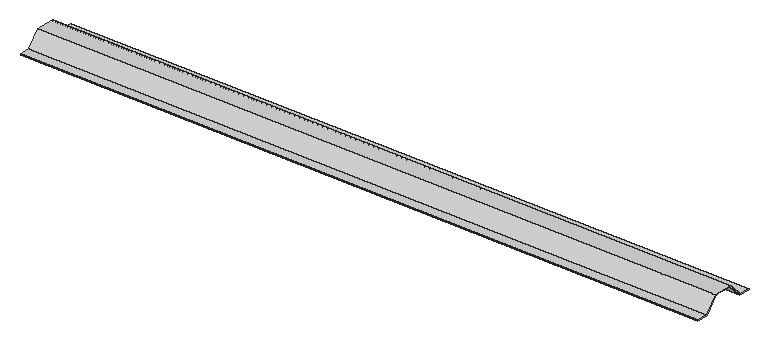
Revit family "M_Guias chapéu de forração galvanizado", category Quadro estrutural, Revit 2019
Family settings
  Arredondamento do comprimento do framing estrutural = 0 mm
  Forma do corte = Não definido
  Material para o comportamento do modelo = Aço
  Exportar sempre como geometria = Não
  Número OmniClass = 23.25.30.11.14.14
  Título OmniClass = Beams
  ID de item do Seek = Light Gauge-Furring Hat Channels-0000-CAN-ENU
  Sempre na vertical = Sim
  Corte com vazios quando carregada = Não
  Representação simbólica = Das configurações de projeto
  Compartilhado = Não
  Exibir o pré-corte da família na vista da planta = Sim
Parameters (values of type "L75 x 90")
  x = t1 / tan(90.00° - Ângulo / 2)  # 0.345 mm
  t1 = if(t < 0.8 mm, 0.8 mm, t)  # 0.8 mm
  t = 0.5 mm
  d = 17 mm
  W = 0
  Structural Material [instance] = Metal - Manômetro de luz
  D = 22 mm
  B2 = 70 mm
  B1 = 30 mm
  Código de montagem = "B10"
  Length [instance] = 1500 mm
  Ângulo = if((B2 - B1) = 0 mm, 90.00°, atan(2 * (D - t1) / (B2 - B1)))  # 46.6683°
  A = 0.00 mm²
Reference planes
  plane 1 "Centro (Frente/Trás)": y = 0
  plane 2: z = 0
  plane 3 "Centro (Esquerda/Direita)": x = 0.008
  plane 4 "Membro esquerdo": x = -556.99
  plane 5 "Membro direito": x = 566.21
  plane 6: z = -22
  plane 7 "Esquerda": x = -757.39
  plane 8 "Direita": x = 742.61
  plane 9: y = -52
  plane 10: y = 52
  plane 11: y = 15
  plane 12: y = -15
  plane 13: y = 35
  plane 14: y = -35
  plane 15: y = 34.655
  plane 16: y = 14.655
  plane 17: y = -34.655
  plane 18: y = -14.655
Forms (mm)
  Sweep 1, solid, material "Metal - Manômetro de luz" <- "Structural Material", detail levels medium+fine
    path origin (0, 0, 0) x (1, 0, 0) y (0, 1, 0)
      loop
        line (566.21, 0) -> (-556.99, 0)
    profile origin (4.61, 0, 0) x (0, -1, 0) y (0, 0, 1)
      loop
        line (-52, -21.2) -> (-52, -22) -> (-34.655, -22) -> (-14.655, -0.8) -> (14.655, -0.8) -> (34.655, -22) -> (52, -22) -> (52, -21.2) -> (35, -21.2) -> (15, 0) -> (-15, 0) -> (-35, -21.2) -> (-52, -21.2)
Lines and regions (mm)
  symbolic lines, style "Faces ocultas", detail levels medium+fine
    curve 1: line (-556.99, 34.655, 0) -> (566.21, 34.655, 0)
    curve 2: line (-556.99, 4.763, -1) -> (566.21, 4.763, -1)
    curve 3: line (-556.99, 14.655, 0) -> (566.21, 14.655, 0)
    curve 4: line (-556.99, -34.655, 0) -> (566.21, -34.655, 0)
    curve 5: line (-556.99, -14.655, 0) -> (566.21, -14.655, 0)
  symbolic lines, style "Símbolos de vara", detail levels coarse
    curve 6: line (-757.39, 52, -22) -> (-757.39, 35, -22)
    curve 7: line (-757.39, 35, -22) -> (-757.39, 15, 0)
    curve 8: line (-757.39, 15, 0) -> (-757.39, -15, 0)
    curve 9: line (-757.39, -15, 0) -> (-757.39, -35, -22)
    curve 10: line (-757.39, -35, -22) -> (-757.39, -52, -22)
Dimensions and locks
  "Length": plane 7 "Esquerda" to plane 8 "Direita"
  equal spacing: plane 11, plane 1 "Centro (Frente/Trás)", plane 12
  "d": plane 10 to plane 13
  "d": plane 14 to plane 9
  equal spacing: plane 13, plane 1 "Centro (Frente/Trás)", plane 14
  "B1": plane 11 to plane 12
  "B2": plane 13 to plane 14
  "D": level to plane 6
  "t1": Sweep 1 sketch curve to Sweep 1 sketch curve  (x5)
  "x": plane 13 to plane 15
  "x": plane 11 to plane 16
  "x": plane 18 to plane 12
  "x": plane 17 to plane 14
  aligned and locked: Sweep 1 sketch curve to plane 1 "Centro (Frente/Trás)"
  aligned and locked: profile plane to plane 1 "Centro (Frente/Trás)"
  aligned and locked: plane 2 to level
  aligned and locked: Sweep 1 sketch curve to plane 6  (x2)
  aligned and locked: Sweep 1 sketch curve to plane 9
  aligned and locked: Sweep 1 sketch curve to plane 10
  aligned and locked: Sweep 1 sketch curve to profile plane
  aligned and locked: plane 13 to Sweep 1 sketch curve
  aligned and locked: plane 11 to Sweep 1 sketch curve
  aligned and locked: plane 12 to Sweep 1 sketch curve
  aligned and locked: plane 14 to Sweep 1 sketch curve
  aligned and locked: plane 18 to curve 5
  aligned and locked: curve 3 to plane 16
  aligned and locked: curve 1 to plane 15
  aligned and locked: plane 17 to curve 4
  aligned and locked: Sweep 1 to curve 5
  aligned and locked: Sweep 1 to curve 6
  aligned and locked: curve 6 to Sweep 1
  aligned and locked: curve 7 to Sweep 1
  aligned and locked: curve 8 to Sweep 1
  aligned and locked: Sweep 1 to curve 10
  aligned and locked: plane 9 to curve 10
  aligned and locked: plane 4 "Membro esquerdo" to Sweep 1 sketch curve
  aligned and locked: plane 5 "Membro direito" to Sweep 1 sketch curve
  aligned and locked: plane 4 "Membro esquerdo" to curve 4
  aligned and locked: plane 4 "Membro esquerdo" to curve 5
  aligned and locked: plane 4 "Membro esquerdo" to curve 3
  aligned and locked: plane 4 "Membro esquerdo" to curve 1
  aligned and locked: plane 5 "Membro direito" to curve 4
  aligned and locked: plane 5 "Membro direito" to curve 3
  aligned and locked: plane 5 "Membro direito" to curve 1
  aligned and locked: plane 4 "Membro esquerdo" to curve 2
  aligned and locked: plane 5 "Membro direito" to curve 2
Automatic sketch dimensions
  curve 7 to plane 13 = 0 mm
  curve 8 to plane 12 = 0 mm
  curve 10 to plane 14 = 0 mm
  curve 2 to level = 1 mm
